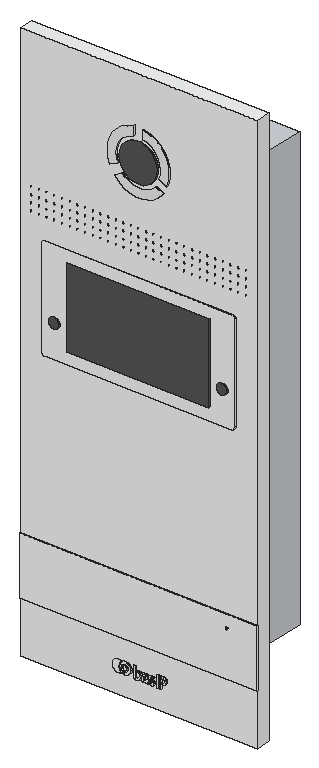
Revit family "BAS-IP_Вызывная панель_AA-12FBI", category Устройства связи, Revit 2019
Family settings
  Сохранять ориентацию аннотаций = Нет
  Размер круглого соединителя = Использовать диаметр
  Тип детали = Нормальный
  На основе рабочей плоскости = Нет
  Всегда вертикально = Да
  При загрузке вырезать с полостями = Нет
  Общий = Нет
  Точка расчета площади = Нет
Parameters (values of type "Серебристый")
  Цветовое решение = "Серебристый"
  Цвет = Gray silver
  Угол обзора камеры = "110° (по горизонтали)"
  УГО_Смещение_Y [instance] = 0 mm
  УГО_Смещение_X [instance] = 0 mm
  Тип установки = "Скрытого монтажа, накладной с BR-AA12"
  Тип панели = "Многоабонентская"
  Тип клавиатуры = "Пьезоэлектрические кнопки с подсветкой"
  Температурный режим = "-40 – +65 °С"
  Разрешение = "2 Мп"
  Размер самой панели = "161 × 382 × 49 мм"
  Размер под установку = "142 × 358 × 58 мм"
  Потребление питания = "6,5 Вт, в режиме ожидания - 3,6 Вт"
  Питание = "+12 В постоянного тока"
  Ночная подсветка = "6 светодиодов"
  Минимальная освещенность = "0,01 Люкс"
  Корпус = "Алюминий"
  Класс степени защиты = "IP65"
  Камера = "1/3”"
  Изготовитель = "BAS-IP"  # constant formula
  Зона обслуживания [instance] = no
  Дисплей = "4,3” TFT, цветной с подсветкой"
  Выходное видео = "Full HD (1920 × 1080), H.264 Main Profile"
  IK-код = "IK07"
  ADSK_Размер_Смещение от уровня [instance] = 1000 mm
  ADSK_Примечание [instance] = ""
  ADSK_Позиция [instance] = ""
  ADSK_Наименование = "Многоабонентская IP вызывная панель"
  ADSK_Материал = Silver
  ADSK_Марка = "AA-12FBI Silver"
  ADSK_Количество = 1  # constant formula
  ADSK_Код изделия = ""
  ADSK_Завод-изготовитель = "BAS-IP"  # constant formula
  ADSK_Единица измерения = "шт."  # constant formula
Types (2, lengths in mm): name | Цветовое решение | Цвет | ADSK_Материал | ADSK_Марка
  Серебристый | "Серебристый" | Gray silver | Silver | "AA-12FBI Silver"
  Черный | "Черный" | Black silver 2 | Black silver | "AA-12FBI Black"
Reference planes
  plane 1 "По центру (Вперед/Назад)": y = 0
  plane 2: z = 0
  plane 3 "По центру (Влево/Вправо)": x = 0
  plane 4: z = 1000
  plane 5: z = 0
  plane 6: y = 0
  plane 7: x = 0
Forms (mm)
  Extrusion 1, solid, material "Silver" <- "ADSK_Материал", detail levels medium+fine
    sketch origin (0, 0, 1000) x (1, 0, 0) y (0, 0, 1)
      loop
        line (-80.5, 0) -> (80.5, 0) -> (80.5, 382) -> (-80.5, 382) -> (-80.5, 0)
    from 0 to 10
  Extrusion 2, solid, detail levels medium+fine
    sketch origin (0, 0, 1000) x (1, 0, 0) y (0, 0, 1)
      loop
        line (-70, 350) -> (-70, 50) -> (70, 50) -> (70, 350) -> (-70, 350)
    from -39 to 0
  Extrusion 3, solid, material "Gray silver" <- "Цвет", detail levels fine
    sketch origin (0, -7.5, 1000) x (1, 0, 0) y (0, 0, 1)
      loop
        line (-80.5, 75) -> (-80.5, 35) -> (80.5, 35) -> (80.5, 75) -> (-80.5, 75)
    from 2 to 3
  Extrusion 4, solid, material "Black", detail levels fine
    sketch origin (0, -8, 1000) x (1, 0, 0) y (0, 0, 1)
      loop
        line (-48.5, 250.279) -> (-48.5, 196.279) -> (48.5, 196.279) -> (48.5, 250.279) -> (-48.5, 250.279)
    from 1.5 to 3
  Extrusion 5, solid, material "Black", detail levels fine
    sketch origin (-31.906, -8, 1153.53) x (1, 0, 0) y (0, 0, 1)
      loop
        circle (-25.094, 57.291) r 3.5
      loop
        circle (88.906, 57.291) r 3.5
    from 1.5 to 3
  Extrusion 6, void, detail levels fine
    sketch origin (0, -8, 1020) x (1, 0, 0) y (0, 0, 1)
      loop
        circle (60.5, 46.187) r 1
    from 0 to 2.5
  Extrusion 7, solid, material "Gray silver" <- "Цвет", detail levels fine
    sketch origin (-5.5, -7.5, 1120) x (1, 0, 0) y (0, 0, 1)
      loop
        arc (-58, 138.279) -> (-59.414, 137.693) -> (-60, 136.279) r 2
        line (-60, 136.279) -> (-60, 70.279)
        arc (-60, 70.279) -> (-59.414, 68.864) -> (-58, 68.279) r 2
        line (-58, 68.279) -> (69, 68.279)
        arc (69, 68.279) -> (70.414, 68.864) -> (71, 70.279) r 2
        line (71, 70.279) -> (71, 136.279)
        arc (71, 136.279) -> (70.414, 137.693) -> (69, 138.279) r 2
        line (69, 138.279) -> (-58, 138.279)
    from 2 to 3
  Extrusion 8, solid, material "Black", detail levels fine
    sketch origin (0, -7.5, 1193.228) x (1, 0, 0) y (0, 0, 1)
      loop
        circle (0, 135.001) r 13
    from 2 to 3
  Extrusion 9, solid, material "White", detail levels fine
    sketch origin (0, -7.5, 1193.228) x (1, 0, 0) y (0, 0, 1)
      loop
        arc (-14.192, 130.272) -> (-13.253, 142.888) -> (-3, 150.299) r 15
        line (-3, 150.299) -> (-3, 156.293)
        arc (-3, 156.293) -> (-18.287, 145.815) -> (-19.322, 127.31) r 21
        line (-19.322, 127.31) -> (-14.192, 130.272)
      loop
        line (14.192, 130.272) -> (19.322, 127.31)
        arc (19.322, 127.31) -> (18.287, 145.815) -> (3, 156.293) r 21
        line (3, 156.293) -> (3, 150.299)
        arc (3, 150.299) -> (13.253, 142.888) -> (14.192, 130.272) r 15
      loop
        line (-11.192, 125.075) -> (-16.322, 122.114)
        arc (-16.322, 122.114) -> (0.221, 113.757) -> (16.939, 121.757) r 21
        line (16.939, 121.757) -> (11.749, 124.754)
        arc (11.749, 124.754) -> (0.204, 119.58) -> (-11.192, 125.075) r 15
    from 2 to 3
  Extrusion 10, void, detail levels fine
    sketch origin (-245.846, -8, 1190.993) x (1, 0, 0) y (0, 0, 1)
      loop
        circle (209.254, 97.039) r 0.5
      loop
        circle (204.316, 97.039) r 0.5
      loop
        circle (199.066, 97.039) r 0.5
      loop
        circle (214.754, 97.039) r 0.5
      loop
        circle (220.004, 97.039) r 0.5
      loop
        circle (193.816, 97.039) r 0.5
      loop
        circle (188.629, 97.039) r 0.5
      loop
        circle (183.379, 97.039) r 0.5
      loop
        circle (178.129, 97.039) r 0.5
      loop
        circle (172.879, 97.039) r 0.5
      loop
        circle (225.316, 97.039) r 0.5
      loop
        circle (230.316, 97.039) r 0.5
      loop
        circle (209.254, 92.039) r 0.5
      loop
        circle (204.316, 92.039) r 0.5
      loop
        circle (199.066, 92.039) r 0.5
      loop
        circle (214.754, 92.039) r 0.5
      loop
        circle (220.004, 92.039) r 0.5
      loop
        circle (193.816, 92.039) r 0.5
      loop
        circle (188.629, 92.039) r 0.5
      loop
        circle (183.379, 92.039) r 0.5
      loop
        circle (178.129, 92.039) r 0.5
      loop
        circle (172.879, 92.039) r 0.5
      loop
        circle (225.316, 92.039) r 0.5
      loop
        circle (230.316, 92.039) r 0.5
      loop
        circle (209.254, 87.039) r 0.5
      loop
        circle (204.316, 87.039) r 0.5
      loop
        circle (199.066, 87.039) r 0.5
      loop
        circle (214.754, 87.039) r 0.5
      loop
        circle (220.004, 87.039) r 0.5
      loop
        circle (193.816, 87.039) r 0.5
      loop
        circle (188.629, 87.039) r 0.5
      loop
        circle (183.379, 87.039) r 0.5
      loop
        circle (178.129, 87.039) r 0.5
      loop
        circle (172.879, 87.039) r 0.5
      loop
        circle (225.316, 87.039) r 0.5
      loop
        circle (230.316, 87.039) r 0.5
      loop
        circle (209.254, 82.039) r 0.5
      loop
        circle (204.316, 82.039) r 0.5
      loop
        circle (199.066, 82.039) r 0.5
      loop
        circle (214.754, 82.039) r 0.5
      loop
        circle (220.004, 82.039) r 0.5
      loop
        circle (193.816, 82.039) r 0.5
      loop
        circle (188.629, 82.039) r 0.5
      loop
        circle (183.379, 82.039) r 0.5
      loop
        circle (178.129, 82.039) r 0.5
      loop
        circle (172.879, 82.039) r 0.5
      loop
        circle (225.316, 82.039) r 0.5
      loop
        circle (230.316, 82.039) r 0.5
      loop
        circle (282.437, 97.039) r 0.5
      loop
        circle (287.375, 97.039) r 0.5
      loop
        circle (292.625, 97.039) r 0.5
      loop
        circle (276.937, 97.039) r 0.5
      loop
        circle (271.687, 97.039) r 0.5
      loop
        circle (297.875, 97.039) r 0.5
      loop
        circle (303.062, 97.039) r 0.5
      loop
        circle (308.312, 97.039) r 0.5
      loop
        circle (313.562, 97.039) r 0.5
      loop
        circle (318.812, 97.039) r 0.5
      loop
        circle (266.375, 97.039) r 0.5
      loop
        circle (261.375, 97.039) r 0.5
      loop
        circle (282.437, 92.039) r 0.5
      loop
        circle (287.375, 92.039) r 0.5
      loop
        circle (292.625, 92.039) r 0.5
      loop
        circle (276.937, 92.039) r 0.5
      loop
        circle (271.687, 92.039) r 0.5
      loop
        circle (297.875, 92.039) r 0.5
      loop
        circle (303.062, 92.039) r 0.5
      loop
        circle (308.312, 92.039) r 0.5
      loop
        circle (313.562, 92.039) r 0.5
      loop
        circle (318.812, 92.039) r 0.5
      loop
        circle (266.375, 92.039) r 0.5
      loop
        circle (261.375, 92.039) r 0.5
      loop
        circle (282.437, 87.039) r 0.5
      loop
        circle (287.375, 87.039) r 0.5
      loop
        circle (292.625, 87.039) r 0.5
      loop
        circle (276.937, 87.039) r 0.5
      loop
        circle (271.687, 87.039) r 0.5
      loop
        circle (297.875, 87.039) r 0.5
      loop
        circle (303.062, 87.039) r 0.5
      loop
        circle (308.312, 87.039) r 0.5
      loop
        circle (313.562, 87.039) r 0.5
      loop
        circle (318.812, 87.039) r 0.5
      loop
        circle (266.375, 87.039) r 0.5
      loop
        circle (261.375, 87.039) r 0.5
      loop
        circle (282.437, 82.039) r 0.5
      loop
        circle (287.375, 82.039) r 0.5
      loop
        circle (292.625, 82.039) r 0.5
      loop
        circle (276.937, 82.039) r 0.5
      loop
        circle (271.687, 82.039) r 0.5
      loop
        circle (297.875, 82.039) r 0.5
      loop
        circle (303.062, 82.039) r 0.5
      loop
        circle (308.312, 82.039) r 0.5
      loop
        circle (313.562, 82.039) r 0.5
      loop
        circle (318.812, 82.039) r 0.5
      loop
        circle (266.375, 82.039) r 0.5
      loop
        circle (261.375, 82.039) r 0.5
    from 1 to 2
  Extrusion 11, void, detail levels fine
    sketch origin (-245.846, -8, 1270.993) x (1, 0, 0) y (0, 0, 1)
      loop
        circle (245.846, 17.039) r 0.5
      loop
        circle (245.846, 12.039) r 0.5
      loop
        circle (245.846, 7.039) r 0.5
      loop
        circle (245.846, 2.039) r 0.5
      loop
        circle (240.596, 17.039) r 0.5
      loop
        circle (240.596, 12.039) r 0.5
      loop
        circle (240.596, 7.039) r 0.5
      loop
        circle (240.596, 2.039) r 0.5
      loop
        circle (235.658, 17.039) r 0.5
      loop
        circle (235.658, 12.039) r 0.5
      loop
        circle (235.658, 7.039) r 0.5
      loop
        circle (235.658, 2.039) r 0.5
      loop
        circle (251.096, 17.039) r 0.5
      loop
        circle (251.096, 12.039) r 0.5
      loop
        circle (251.096, 7.039) r 0.5
      loop
        circle (251.096, 2.039) r 0.5
      loop
        circle (256.033, 17.039) r 0.5
      loop
        circle (256.033, 12.039) r 0.5
      loop
        circle (256.033, 7.039) r 0.5
      loop
        circle (256.033, 2.039) r 0.5
    from 0 to 2
  Extrusion 12, solid, material "Silver" <- "ADSK_Материал", not visible, detail levels medium+fine
    sketch origin (0, 0, 0) x (1, 0, 0) y (0, 0, 1)
      loop
        line (-80.5, 0) -> (80.5, 0) -> (80.5, 382) -> (-80.5, 382) -> (-80.5, 0)
    from 0 to 10
  Extrusion 13, solid, not visible, detail levels medium+fine
    sketch origin (0, 0, 0) x (1, 0, 0) y (0, 0, 1)
      loop
        line (-70, 350) -> (-70, 50) -> (70, 50) -> (70, 350) -> (-70, 350)
    from -39 to 0
  Extrusion 14, solid, material "Gray silver" <- "Цвет", not visible, detail levels fine
    sketch origin (0, -7.5, 0) x (1, 0, 0) y (0, 0, 1)
      loop
        line (-80.5, 75) -> (-80.5, 35) -> (80.5, 35) -> (80.5, 75) -> (-80.5, 75)
    from 2 to 3
  Extrusion 15, solid, material "Black", not visible, detail levels fine
    sketch origin (0, -8, 0) x (1, 0, 0) y (0, 0, 1)
      loop
        line (-48.5, 250.279) -> (-48.5, 196.279) -> (48.5, 196.279) -> (48.5, 250.279) -> (-48.5, 250.279)
    from 1.5 to 3
  Extrusion 16, solid, material "Black", not visible, detail levels fine
    sketch origin (-31.906, -8, 153.53) x (1, 0, 0) y (0, 0, 1)
      loop
        circle (-25.094, 57.291) r 3.5
      loop
        circle (88.906, 57.291) r 3.5
    from 1.5 to 3
  Extrusion 17, void, not visible, detail levels fine
    sketch origin (0, -8, 20) x (1, 0, 0) y (0, 0, 1)
      loop
        circle (60.5, 46.187) r 1
    from 0 to 2.5
  Extrusion 18, solid, material "Gray silver" <- "Цвет", not visible, detail levels fine
    sketch origin (-5.5, -7.5, 120) x (1, 0, 0) y (0, 0, 1)
      loop
        arc (-58, 138.279) -> (-59.414, 137.693) -> (-60, 136.279) r 2
        line (-60, 136.279) -> (-60, 70.279)
        arc (-60, 70.279) -> (-59.414, 68.864) -> (-58, 68.279) r 2
        line (-58, 68.279) -> (69, 68.279)
        arc (69, 68.279) -> (70.414, 68.864) -> (71, 70.279) r 2
        line (71, 70.279) -> (71, 136.279)
        arc (71, 136.279) -> (70.414, 137.693) -> (69, 138.279) r 2
        line (69, 138.279) -> (-58, 138.279)
    from 2 to 3
  Extrusion 19, solid, material "Black", not visible, detail levels fine
    sketch origin (0, -7.5, 193.228) x (1, 0, 0) y (0, 0, 1)
      loop
        circle (0, 135.001) r 13
    from 2 to 3
  Extrusion 20, solid, material "White", not visible, detail levels fine
    sketch origin (0, -7.5, 193.228) x (1, 0, 0) y (0, 0, 1)
      loop
        arc (-14.192, 130.272) -> (-13.253, 142.888) -> (-3, 150.299) r 15
        line (-3, 150.299) -> (-3, 156.293)
        arc (-3, 156.293) -> (-18.287, 145.815) -> (-19.322, 127.31) r 21
        line (-19.322, 127.31) -> (-14.192, 130.272)
      loop
        line (14.192, 130.272) -> (19.322, 127.31)
        arc (19.322, 127.31) -> (18.287, 145.815) -> (3, 156.293) r 21
        line (3, 156.293) -> (3, 150.299)
        arc (3, 150.299) -> (13.253, 142.888) -> (14.192, 130.272) r 15
      loop
        line (-11.192, 125.075) -> (-16.322, 122.114)
        arc (-16.322, 122.114) -> (0.221, 113.757) -> (16.939, 121.757) r 21
        line (16.939, 121.757) -> (11.749, 124.754)
        arc (11.749, 124.754) -> (0.204, 119.58) -> (-11.192, 125.075) r 15
    from 2 to 3
  Extrusion 21, void, not visible, detail levels fine
    sketch origin (-245.846, -8, 190.993) x (1, 0, 0) y (0, 0, 1)
      loop
        circle (209.254, 97.039) r 0.5
      loop
        circle (204.316, 97.039) r 0.5
      loop
        circle (199.066, 97.039) r 0.5
      loop
        circle (214.754, 97.039) r 0.5
      loop
        circle (220.004, 97.039) r 0.5
      loop
        circle (193.816, 97.039) r 0.5
      loop
        circle (188.629, 97.039) r 0.5
      loop
        circle (183.379, 97.039) r 0.5
      loop
        circle (178.129, 97.039) r 0.5
      loop
        circle (172.879, 97.039) r 0.5
      loop
        circle (225.316, 97.039) r 0.5
      loop
        circle (230.316, 97.039) r 0.5
      loop
        circle (209.254, 92.039) r 0.5
      loop
        circle (204.316, 92.039) r 0.5
      loop
        circle (199.066, 92.039) r 0.5
      loop
        circle (214.754, 92.039) r 0.5
      loop
        circle (220.004, 92.039) r 0.5
      loop
        circle (193.816, 92.039) r 0.5
      loop
        circle (188.629, 92.039) r 0.5
      loop
        circle (183.379, 92.039) r 0.5
      loop
        circle (178.129, 92.039) r 0.5
      loop
        circle (172.879, 92.039) r 0.5
      loop
        circle (225.316, 92.039) r 0.5
      loop
        circle (230.316, 92.039) r 0.5
      loop
        circle (209.254, 87.039) r 0.5
      loop
        circle (204.316, 87.039) r 0.5
      loop
        circle (199.066, 87.039) r 0.5
      loop
        circle (214.754, 87.039) r 0.5
      loop
        circle (220.004, 87.039) r 0.5
      loop
        circle (193.816, 87.039) r 0.5
      loop
        circle (188.629, 87.039) r 0.5
      loop
        circle (183.379, 87.039) r 0.5
      loop
        circle (178.129, 87.039) r 0.5
      loop
        circle (172.879, 87.039) r 0.5
      loop
        circle (225.316, 87.039) r 0.5
      loop
        circle (230.316, 87.039) r 0.5
      loop
        circle (209.254, 82.039) r 0.5
      loop
        circle (204.316, 82.039) r 0.5
      loop
        circle (199.066, 82.039) r 0.5
      loop
        circle (214.754, 82.039) r 0.5
      loop
        circle (220.004, 82.039) r 0.5
      loop
        circle (193.816, 82.039) r 0.5
      loop
        circle (188.629, 82.039) r 0.5
      loop
        circle (183.379, 82.039) r 0.5
      loop
        circle (178.129, 82.039) r 0.5
      loop
        circle (172.879, 82.039) r 0.5
      loop
        circle (225.316, 82.039) r 0.5
      loop
        circle (230.316, 82.039) r 0.5
      loop
        circle (282.437, 97.039) r 0.5
      loop
        circle (287.375, 97.039) r 0.5
      loop
        circle (292.625, 97.039) r 0.5
      loop
        circle (276.937, 97.039) r 0.5
      loop
        circle (271.687, 97.039) r 0.5
      loop
        circle (297.875, 97.039) r 0.5
      loop
        circle (303.062, 97.039) r 0.5
      loop
        circle (308.312, 97.039) r 0.5
      loop
        circle (313.562, 97.039) r 0.5
      loop
        circle (318.812, 97.039) r 0.5
      loop
        circle (266.375, 97.039) r 0.5
      loop
        circle (261.375, 97.039) r 0.5
      loop
        circle (282.437, 92.039) r 0.5
      loop
        circle (287.375, 92.039) r 0.5
      loop
        circle (292.625, 92.039) r 0.5
      loop
        circle (276.937, 92.039) r 0.5
      loop
        circle (271.687, 92.039) r 0.5
      loop
        circle (297.875, 92.039) r 0.5
      loop
        circle (303.062, 92.039) r 0.5
      loop
        circle (308.312, 92.039) r 0.5
      loop
        circle (313.562, 92.039) r 0.5
      loop
        circle (318.812, 92.039) r 0.5
      loop
        circle (266.375, 92.039) r 0.5
      loop
        circle (261.375, 92.039) r 0.5
      loop
        circle (282.437, 87.039) r 0.5
      loop
        circle (287.375, 87.039) r 0.5
      loop
        circle (292.625, 87.039) r 0.5
      loop
        circle (276.937, 87.039) r 0.5
      loop
        circle (271.687, 87.039) r 0.5
      loop
        circle (297.875, 87.039) r 0.5
      loop
        circle (303.062, 87.039) r 0.5
      loop
        circle (308.312, 87.039) r 0.5
      loop
        circle (313.562, 87.039) r 0.5
      loop
        circle (318.812, 87.039) r 0.5
      loop
        circle (266.375, 87.039) r 0.5
      loop
        circle (261.375, 87.039) r 0.5
      loop
        circle (282.437, 82.039) r 0.5
      loop
        circle (287.375, 82.039) r 0.5
      loop
        circle (292.625, 82.039) r 0.5
      loop
        circle (276.937, 82.039) r 0.5
      loop
        circle (271.687, 82.039) r 0.5
      loop
        circle (297.875, 82.039) r 0.5
      loop
        circle (303.062, 82.039) r 0.5
      loop
        circle (308.312, 82.039) r 0.5
      loop
        circle (313.562, 82.039) r 0.5
      loop
        circle (318.812, 82.039) r 0.5
      loop
        circle (266.375, 82.039) r 0.5
      loop
        circle (261.375, 82.039) r 0.5
    from 1 to 2
  Extrusion 22, void, not visible, detail levels fine
    sketch origin (-245.846, -8, 270.993) x (1, 0, 0) y (0, 0, 1)
      loop
        circle (245.846, 17.039) r 0.5
      loop
        circle (245.846, 12.039) r 0.5
      loop
        circle (245.846, 7.039) r 0.5
      loop
        circle (245.846, 2.039) r 0.5
      loop
        circle (240.596, 17.039) r 0.5
      loop
        circle (240.596, 12.039) r 0.5
      loop
        circle (240.596, 7.039) r 0.5
      loop
        circle (240.596, 2.039) r 0.5
      loop
        circle (235.658, 17.039) r 0.5
      loop
        circle (235.658, 12.039) r 0.5
      loop
        circle (235.658, 7.039) r 0.5
      loop
        circle (235.658, 2.039) r 0.5
      loop
        circle (251.096, 17.039) r 0.5
      loop
        circle (251.096, 12.039) r 0.5
      loop
        circle (251.096, 7.039) r 0.5
      loop
        circle (251.096, 2.039) r 0.5
      loop
        circle (256.033, 17.039) r 0.5
      loop
        circle (256.033, 12.039) r 0.5
      loop
        circle (256.033, 7.039) r 0.5
      loop
        circle (256.033, 2.039) r 0.5
    from 0 to 2
Cuts and joins
  Extrusion 6, Extrusion 10, Extrusion 11 cuts Extrusion 1
  Extrusion 6, Extrusion 11 cuts Extrusion 2
  Extrusion 6 cuts Extrusion 3
Dimensions and locks
  "ADSK_Размер_Смещение от уровня": plane 4 to plane 2
  "УГО_Смещение_X": plane 3 "По центру (Влево/Вправо)" to plane 7
  "УГО_Смещение_Y": plane 6 to plane 1 "По центру (Вперед/Назад)"
  aligned and locked: level to plane 2
  aligned and locked: cut or joined group of Extrusion 1, Extrusion 6, Extrusion 10, Extrusion 11 to plane 4
  aligned and locked: nested 5 to plane 6
  aligned and locked: plane 7 to nested 5
Automatic sketch dimensions
  Extrusion 1 sketch curve to Extrusion 1 sketch curve = 382 mm
  Extrusion 2 sketch curve to Extrusion 2 sketch curve = 300 mm
  Extrusion 3 sketch curve to Extrusion 3 sketch curve = 40 mm
  Extrusion 4 sketch curve to Extrusion 4 sketch curve = 54 mm
  Extrusion 5 sketch curve to Extrusion 5 sketch curve = 0 mm
  Extrusion 7 sketch curve to Extrusion 7 sketch curve = 2 mm  (x3)
  Extrusion 7 sketch curve to Extrusion 7 sketch curve = 66 mm
  Extrusion 9 sketch curve to Extrusion 9 sketch curve = 3 mm
  Extrusion 9 sketch curve to Extrusion 9 sketch curve = 5.13 mm  (x3)
  Extrusion 9 sketch curve to Extrusion 9 sketch curve = 0.032 mm
  Extrusion 9 sketch curve to Extrusion 9 sketch curve = 2.443 mm
  Extrusion 9 sketch curve to Extrusion 9 sketch curve = 5.191 mm
  Extrusion 9 sketch curve to Extrusion 9 sketch curve = 0.356 mm
  Extrusion 9 sketch curve to Extrusion 9 sketch curve = 2.997 mm
  Extrusion 9 sketch curve to Extrusion 9 sketch curve = 2.962 mm  (x3)
  Extrusion 9 sketch curve to Extrusion 9 sketch curve = 5.196 mm
  Extrusion 9 sketch curve to Extrusion 9 sketch curve = 5.553 mm
  Extrusion 9 sketch curve to Extrusion 9 sketch curve = 0.754 mm
  Extrusion 9 sketch curve to Extrusion 9 sketch curve = 0 mm
  Extrusion 9 sketch curve to Extrusion 9 sketch curve = 0.061 mm  (x2)
  Extrusion 10 sketch curve to Extrusion 10 sketch curve = 0 mm  (x86)
  Extrusion 10 sketch curve to Extrusion 10 sketch curve = 5.25 mm  (x20)
  Extrusion 10 sketch curve to Extrusion 10 sketch curve = 5.188 mm  (x3)
  Extrusion 10 sketch curve to Extrusion 10 sketch curve = 4.937 mm  (x8)
  Extrusion 10 sketch curve to Extrusion 10 sketch curve = 5.5 mm  (x4)
  Extrusion 10 sketch curve to Extrusion 10 sketch curve = 5.313 mm  (x3)
  Extrusion 10 sketch curve to Extrusion 10 sketch curve = 5 mm  (x65)
  Extrusion 11 sketch curve to Extrusion 11 sketch curve = 0 mm  (x19)
  Extrusion 11 sketch curve to Extrusion 11 sketch curve = 4.938 mm  (x8)
  Extrusion 11 sketch curve to Extrusion 11 sketch curve = 5 mm  (x9)
  Extrusion 1 sketch curve to Extrusion 1 sketch curve = 161 mm
  Extrusion 2 sketch curve to Extrusion 2 sketch curve = 140 mm
  Extrusion 3 sketch curve to Extrusion 3 sketch curve = 161 mm
  Extrusion 4 sketch curve to Extrusion 4 sketch curve = 97 mm
  Extrusion 5 sketch curve to Extrusion 5 sketch curve = 114 mm
  Extrusion 7 sketch curve to Extrusion 7 sketch curve = 127 mm
  Extrusion 7 sketch curve to Extrusion 7 sketch curve = 0 mm
  Extrusion 9 sketch curve to Extrusion 9 sketch curve = 11.192 mm
  Extrusion 9 sketch curve to Extrusion 9 sketch curve = 2.841 mm
  Extrusion 9 sketch curve to Extrusion 9 sketch curve = 0.148 mm  (x2)
  Extrusion 9 sketch curve to Extrusion 9 sketch curve = 0.021 mm
  Extrusion 9 sketch curve to Extrusion 9 sketch curve = 0.403 mm
  Extrusion 9 sketch curve to Extrusion 9 sketch curve = 6 mm
  Extrusion 9 sketch curve to Extrusion 9 sketch curve = 11.335 mm
  Extrusion 10 sketch curve to Extrusion 10 sketch curve = 31.058 mm
  Extrusion 11 sketch curve to Extrusion 11 sketch curve = 5.25 mm  (x2)
  Extrusion 12 sketch curve to Extrusion 12 sketch curve = 382 mm
  Extrusion 13 sketch curve to Extrusion 13 sketch curve = 300 mm
  Extrusion 14 sketch curve to Extrusion 14 sketch curve = 40 mm
  Extrusion 15 sketch curve to Extrusion 15 sketch curve = 54 mm
  Extrusion 16 sketch curve to Extrusion 16 sketch curve = 0 mm
  Extrusion 18 sketch curve to Extrusion 18 sketch curve = 2 mm  (x3)
  Extrusion 18 sketch curve to Extrusion 18 sketch curve = 66 mm
  Extrusion 20 sketch curve to Extrusion 20 sketch curve = 3 mm
  Extrusion 20 sketch curve to Extrusion 20 sketch curve = 5.13 mm  (x3)
  Extrusion 20 sketch curve to Extrusion 20 sketch curve = 0.032 mm
  Extrusion 20 sketch curve to Extrusion 20 sketch curve = 2.443 mm
  Extrusion 20 sketch curve to Extrusion 20 sketch curve = 5.191 mm
  Extrusion 20 sketch curve to Extrusion 20 sketch curve = 0.356 mm
  Extrusion 20 sketch curve to Extrusion 20 sketch curve = 2.997 mm
  Extrusion 20 sketch curve to Extrusion 20 sketch curve = 2.962 mm  (x3)
  Extrusion 20 sketch curve to Extrusion 20 sketch curve = 5.196 mm
  Extrusion 20 sketch curve to Extrusion 20 sketch curve = 5.553 mm
  Extrusion 20 sketch curve to Extrusion 20 sketch curve = 0.754 mm
  Extrusion 20 sketch curve to Extrusion 20 sketch curve = 0 mm
  Extrusion 20 sketch curve to Extrusion 20 sketch curve = 0.061 mm  (x2)
  Extrusion 21 sketch curve to Extrusion 21 sketch curve = 0 mm  (x86)
  Extrusion 21 sketch curve to Extrusion 21 sketch curve = 5.25 mm  (x20)
  Extrusion 21 sketch curve to Extrusion 21 sketch curve = 5.188 mm  (x3)
  Extrusion 21 sketch curve to Extrusion 21 sketch curve = 4.937 mm  (x8)
  Extrusion 21 sketch curve to Extrusion 21 sketch curve = 5.5 mm  (x4)
  Extrusion 21 sketch curve to Extrusion 21 sketch curve = 5.313 mm  (x3)
  Extrusion 21 sketch curve to Extrusion 21 sketch curve = 5 mm  (x65)
  Extrusion 22 sketch curve to Extrusion 22 sketch curve = 0 mm  (x19)
  Extrusion 22 sketch curve to Extrusion 22 sketch curve = 4.938 mm  (x8)
  Extrusion 22 sketch curve to Extrusion 22 sketch curve = 5 mm  (x9)
  Extrusion 12 sketch curve to Extrusion 12 sketch curve = 161 mm
  Extrusion 13 sketch curve to Extrusion 13 sketch curve = 140 mm
  Extrusion 14 sketch curve to Extrusion 14 sketch curve = 161 mm
  Extrusion 15 sketch curve to Extrusion 15 sketch curve = 97 mm
  Extrusion 16 sketch curve to Extrusion 16 sketch curve = 114 mm
  Extrusion 18 sketch curve to Extrusion 18 sketch curve = 127 mm
  Extrusion 18 sketch curve to Extrusion 18 sketch curve = 0 mm
  Extrusion 20 sketch curve to Extrusion 20 sketch curve = 11.192 mm
  Extrusion 20 sketch curve to Extrusion 20 sketch curve = 2.841 mm
  Extrusion 20 sketch curve to Extrusion 20 sketch curve = 0.148 mm  (x2)
  Extrusion 20 sketch curve to Extrusion 20 sketch curve = 0.021 mm
  Extrusion 20 sketch curve to Extrusion 20 sketch curve = 0.403 mm
  Extrusion 20 sketch curve to Extrusion 20 sketch curve = 6 mm
  Extrusion 20 sketch curve to Extrusion 20 sketch curve = 11.335 mm
  Extrusion 21 sketch curve to Extrusion 21 sketch curve = 31.058 mm
  Extrusion 22 sketch curve to Extrusion 22 sketch curve = 5.25 mm  (x2)
  radius of Extrusion 5 sketch curve = 3.5 mm  (x2)
  radius of Extrusion 6 sketch curve = 1 mm
  radius of Extrusion 8 sketch curve = 13 mm
  radius of Extrusion 10 sketch curve = 0.5 mm  (x96)
  radius of Extrusion 11 sketch curve = 0.5 mm  (x20)
  radius of Extrusion 16 sketch curve = 3.5 mm  (x2)
  radius of Extrusion 17 sketch curve = 1 mm
  radius of Extrusion 19 sketch curve = 13 mm
  radius of Extrusion 21 sketch curve = 0.5 mm  (x96)
  radius of Extrusion 22 sketch curve = 0.5 mm  (x20)
Nested families
  nested 1: "BAS-IP_Logo_M" at (1.25, -9.5, 1009.912), Материал <- "ADSK_Материал", type "BAS-IP_Logo_M", detail levels fine
    with Материал Silver
  nested 2: "Зона обслуживания" at (0, 0, 950), visible <- "Зона обслуживания", type "Зона обслуживания", detail levels fine
    with ADSK_Размер_Ширина 258 mm, ADSK_Размер_Высота 479 mm
  nested 3: "BAS-IP_Logo_M" at (1.25, -9.5, 9.912), Материал <- "ADSK_Материал", type "BAS-IP_Logo_M", not visible, detail levels fine
    with Материал Silver
  nested 4: "Зона обслуживания" at (0, 0, -50), visible <- "Зона обслуживания", type "Зона обслуживания", not visible, detail levels fine
    with ADSK_Размер_Ширина 258 mm, ADSK_Размер_Высота 479 mm
  nested 5: "УГО_Вызывная панель" at (0, 0, 0), type "УГО_Вызывная панель", detail levels coarse+medium
Connectors
  electrical at (0, 19.5, 1050)
    settings: on cut or joined group of Extrusion 2, Extrusion 6, Extrusion 11, index 1, voltage 0 V, apparent load 0 VA, apparent load phase1 0 VA, apparent load phase2 0 VA, apparent load phase3 0 VA, power factor 1, load classification "Прочее", number of poles 1, system type 12, power factor state 1, is connector primary yes, connector utility no, sub classification motor no, connector description ""
Definition of nested family "BAS-IP_Logo_M"
  Parameters (values of type "BAS-IP_Logo_M")
    Материал [instance] = none
  Reference planes
    plane 1 "По центру (Вперед/Назад)": y = 0
    plane 2: z = 0
    plane 3 "По центру (Влево/Вправо)": x = 0
  Forms (mm)
    Extrusion 1, solid, material <- "Материал"
      sketch origin (0, 0, 0) x (1, 0, 0) y (0, 0, 1)
        loop
          circle (-10.243, 7.572) r 4
        loop
          circle (-10.243, 7.572) r 2.5
        loop
          circle (-10.243, 7.572) r 1.243
        loop
          line (-4.278, 11.609) -> (-4.278, 3.732)
          arc (-4.278, 3.732) -> (-2.247, 3.328) -> (-0.257, 3.903) r 4.38
          arc (-0.257, 3.903) -> (0.741, 6.101) -> (0.156, 8.443) r 3.668
          arc (0.156, 8.443) -> (-1.569, 9.278) -> (-3.12, 8.15) r 1.865
          line (-3.12, 8.15) -> (-3.12, 11.609) -> (-4.278, 11.609)
        loop
          line (4.381, 6.953) -> (2.708, 6.953)
          arc (2.708, 6.953) -> (1.143, 5.381) -> (2.193, 3.427) r 1.862
          line (2.193, 3.427) -> (5.385, 3.427)
          spline (5.385, 3.427) -> (5.486, 5.401) -> (5.48, 6.79) -> (5.388, 7.706) -> (5.23, 8.264) -> (5.026, 8.577) -> (4.796, 8.758) -> (4.549, 8.897) -> (4.259, 9.009) -> (3.891, 9.099) -> (3.39, 9.158) -> (2.65, 9.166) -> (1.566, 9.098)
          line (1.566, 9.098) -> (1.566, 8.205) -> (3.504, 8.205)
          arc (3.504, 8.205) -> (4.308, 7.835) -> (4.381, 6.953) r 0.878
        loop
          line (4.435, 6.281) -> (2.787, 6.281)
          arc (2.787, 6.281) -> (2.181, 5.255) -> (2.787, 4.229) r 1.171
          line (2.787, 4.229) -> (4.435, 4.229) -> (4.435, 6.281)
        loop
          line (-3.12, 7.277) -> (-3.12, 4.229)
          spline (-3.12, 4.229) -> (-1.778, 4.351) -> (-1.027, 4.671) -> (-0.608, 5.124) -> (-0.387, 5.678) -> (-0.289, 6.314) -> (-0.287, 6.974) -> (-0.427, 7.548) -> (-0.729, 7.952) -> (-1.126, 8.215) -> (-1.608, 8.34) -> (-2.312, 8.201) -> (-3.12, 7.277)
        loop
          spline (9.581, 9.006) -> (7.442, 9.112) -> (6.715, 8.885) -> (6.189, 8.423) -> (5.956, 7.76) -> (6.101, 7.123) -> (6.592, 6.658) -> (7.485, 6.226) -> (8.365, 5.733) -> (8.728, 5.173) -> (8.637, 4.701) -> (7.962, 4.38) -> (5.949, 4.472)
          line (5.949, 4.472) -> (5.865, 3.511)
          spline (5.865, 3.511) -> (7.993, 3.471) -> (9.031, 3.799) -> (9.606, 4.389) -> (9.789, 5.108) -> (9.608, 5.795) -> (9.176, 6.297) -> (8.515, 6.666) -> (7.712, 7.034) -> (7.093, 7.494) -> (7.013, 7.974) -> (7.796, 8.265) -> (9.507, 8.157)
          line (9.507, 8.157) -> (9.581, 9.006)
        loop
          line (11.296, 11.417) -> (11.296, 3.427) -> (12.325, 3.427) -> (12.325, 11.417) -> (11.296, 11.417)
        loop
          line (13.064, 11.417) -> (13.064, 3.427) -> (14.049, 3.427) -> (14.049, 6.359) -> (15.37, 6.359)
          arc (15.37, 6.359) -> (17.899, 8.888) -> (15.37, 11.417) r 2.529
          line (15.37, 11.417) -> (13.064, 11.417)
        loop
          line (14.049, 7.221) -> (15.318, 7.221)
          arc (15.318, 7.221) -> (16.739, 8.701) -> (15.638, 10.433) r 1.661
          line (15.638, 10.433) -> (14.049, 10.433) -> (14.049, 7.221)
      from 0 to 1
    Extrusion 2, solid, material <- "Материал"
      sketch origin (0, 0, 0) x (1, 0, 0) y (0, 0, 1)
        loop
          arc (-12.57, 10.825) -> (-18.868, 7.551) -> (-12.57, 4.276) r 4
          arc (-12.57, 4.276) -> (-14.235, 7.551) -> (-12.57, 10.825) r 4.053
      from 0 to 1
  Dimensions and locks
    aligned and locked: level to plane 2
Definition of nested family "Зона обслуживания"
  Parameters (values of type "Семейство1")
    Зона обслуживания = none
    ADSK_Размер_Ширина = 200 mm
    ADSK_Размер_Глубина = 120 mm
    ADSK_Размер_Высота = 250 mm
  Reference planes
    plane 1 "По центру (Вперед/Назад)": y = 0
    plane 2: z = 0
    plane 3 "По центру (Влево/Вправо)": x = 0
  Forms (mm)
    Extrusion 1, solid, material <- "Зона обслуживания"
      sketch origin (0, 0, 0) x (1, 0, 0) y (0, 1, 0)
        loop
          line (-100, 0) -> (-100, -120) -> (100, -120) -> (100, 0) -> (-100, 0)
      from 0 to 250 <- "ADSK_Размер_Высота"
  Dimensions and locks
    "ADSK_Размер_Глубина": Extrusion 1 sketch curve to plane 1 "По центру (Вперед/Назад)"
    equal spacing: Extrusion 1 sketch curve, plane 3 "По центру (Влево/Вправо)", Extrusion 1 sketch curve
    "ADSK_Размер_Ширина": Extrusion 1 sketch curve to Extrusion 1 sketch curve
    aligned and locked: level to plane 2
  Automatic sketch dimensions
    plane 1 "По центру (Вперед/Назад)" to Extrusion 1 sketch curve = 0 mm
Definition of nested family "УГО_Вызывная панель"
  Reference planes
    plane 1: y = 0
    plane 2: x = 0
  Lines and regions (mm)
    detail lines
      curve 1: line (-2, 0, 0) -> (2, 0, 0)
      curve 2: line (-2.5, -6.5, 0) -> (-2.5, -0.5, 0)
      curve 3: line (2, -7, 0) -> (-2, -7, 0)
      curve 4: line (2.5, -0.5, 0) -> (2.5, -6.5, 0)
      curve 5: arc (2, 0, 0) -> (2.354, -0.146, 0) -> (2.5, -0.5, 0) r 0.5
      curve 6: arc (-2.5, -0.5, 0) -> (-2.354, -0.146, 0) -> (-2, 0, 0) r 0.5
      curve 7: arc (-2, -7, 0) -> (-2.354, -6.854, 0) -> (-2.5, -6.5, 0) r 0.5
      curve 8: arc (2.5, -6.5, 0) -> (2.354, -6.854, 0) -> (2, -7, 0) r 0.5
      curve 9: line (-1.5, -3.39, 0) -> (1.5, -3.39, 0)
      curve 10: line (-1.5, -5.79, 0) -> (-1.5, -3.39, 0)
      curve 11: line (1.5, -5.19, 0) -> (-1.5, -5.19, 0)
      curve 12: line (1.5, -3.39, 0) -> (1.5, -5.79, 0)
      curve 13: circle (0, -1.5, 0) r 0.6 normal (0, 0, 1)
      curve 14: line (-1.5, -3.99, 0) -> (1.5, -3.99, 0)
      curve 15: line (-1.5, -4.59, 0) -> (1.5, -4.59, 0)
      curve 16: line (-0.5, -5.79, 0) -> (-0.5, -3.39, 0)
      curve 17: line (0.5, -5.79, 0) -> (0.5, -3.39, 0)
      curve 18: line (1.5, -5.79, 0) -> (-1.5, -5.79, 0)
